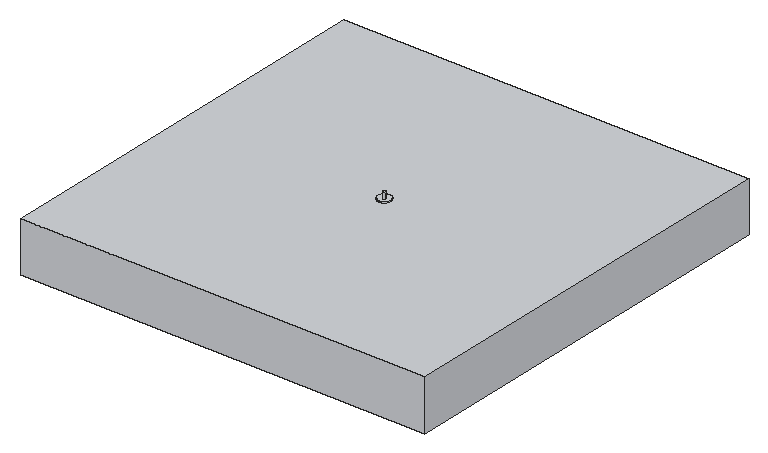
Revit family "M_Sprinkler - Seco - Parede lateral horizontal - Semi-embutido - Hospedado", category Sprinklers, Revit 2019
Family settings
  Hospedeiro = Face
  Manter orientação da anotação = Sim
  Cota do conector redondo = Usar raio
  Tipo de parte = Normal
  Número OmniClass = 23.65.70.17.11.24
  Título OmniClass = Fire Fighting Sprinkler Heads
  ID de item do Seek = Sprinkler - Dry - Horizontal Sidewall - Semi-Recessed - Hosted-0000-CAN-ENU
  Corte com vazios quando carregada = Não
  Compartilhado = Não
  Ponto de cálculo do ambiente = Não
Parameters (values of type "Parede lateral seca horizontal de 15 mm")
  Classificação de temperatura = 57 °C
  Resposta = Padrão
  Queda de pressão [instance] = 48300.0 Pa
  Classe de pressão = Padrão
  Tamanho do orifício = 13 mm
  Orifício = Padrão
  Fator-K = 81
  Fluxo [instance] = 2.0 L/s
  Diâmetro do escudete = 76 mm
  Cobertura = Padrão
  Diâmetro nominal = Raio nominal * 2  # 15 mm
  Raio nominal = 7.5 mm
  Raio do escudete = 0.5 * Diâmetro do escudete  # 38 mm
  Protrusão = 37 mm
  Comprimento total = 103 mm
  Espessura do escudete = 3 mm
  Elevação-padrão = 2400 mm
  CEL = 13 mm
  Assembly Code = ""
Reference planes
  plane 1 "Centro (Frente/Trás)": y = 0
  plane 2: z = 0
  plane 3 "Centro (Esquerda/Direita)": x = 0
  plane 4: z = -66
  plane 5: z = 3
  plane 6: z = 37
  plane 7: z = -53
Forms (mm)
  Extrusion 1, solid
    sketch origin (0, 0, 0) x (1, 0, 0) y (0, 1, 0)
      loop
        line (-1219.2, 1219.2) -> (-1219.2, -1219.2) -> (1219.2, -1219.2) -> (1219.2, 1219.2) -> (-1219.2, 1219.2)
    from 0 to -304.8
  Extrusion 2, solid
    sketch origin (0, 0, 0) x (1, 0, 0) y (0, 1, 0)
      loop
        circle (0, 0) r 7.5
    from -53 to 37
  Extrusion 3, solid
    sketch origin (0, 0, 0) x (1, 0, 0) y (0, 1, 0)
      loop
        circle (0, 0) r 38
    from 0 to 3
Cuts and joins
  joined: Extrusion 2, Extrusion 3
Dimensions and locks
  "Espessura do escudete": plane 5 to level
  "Protrusão": plane 6 to level
  "Comprimento total": plane 6 to plane 4
  "CEL": plane 7 to plane 4
  "Raio nominal": radius of Extrusion 2 sketch curve
  "Raio do escudete": radius of Extrusion 3 sketch curve
  aligned and locked: plane 2 to Extrusion 1
  aligned and locked: level to Extrusion 1
  aligned and locked: Extrusion 3 to level
  aligned and locked: plane 5 to Extrusion 3
  aligned and locked: plane 6 to Extrusion 2
  aligned and locked: Extrusion 2 to plane 7
Automatic sketch dimensions
  Extrusion 2 sketch curve to plane 1 "Centro (Frente/Trás)" = 0 mm
  Extrusion 2 sketch curve to plane 3 "Centro (Esquerda/Direita)" = 0 mm
  Extrusion 3 sketch curve to plane 1 "Centro (Frente/Trás)" = 0 mm
  Extrusion 3 sketch curve to plane 3 "Centro (Esquerda/Direita)" = 0 mm
  Extrusion 1 sketch curve to Extrusion 1 sketch curve = 2438.4 mm  (x2)
Nested families
  nested 1: "M_Sprinkler - Símbolo - Parede lateral horizontal" at (0, 0, 0), type "Sprinkler - Símbolo - Parede lateral horizontal"
Connectors
  piping at (0, 0, -53), diameter 15, driven by "Raio nominal", driven by "Fluxo", driven by "Queda de pressão"
    settings: on cut or joined group of Extrusion 2, Extrusion 3, index 1, connector inside diameter 15 mm, connector length 0 mm, flow factor 0, pipe flow 2.0 L/s, pressure drop 48300.0 Pa, fitting loss kfactor 0, connector angle 0.00°, fixture units 0, engagement length 0 mm, angle of deflection 0.00°, flow configuration 1, flow direction 1, fitting loss method 4, system type 24, joint type 0, gender type 0, connector reference index -1, connector utility 0, adjustable connector no, is connector primary yes, connector description "In"
Definition of nested family "M_Sprinkler - Símbolo - Parede lateral horizontal"
  Parameters
    Largura do símbolo = Profundidade do símbolo  # 2 mm
    Meia largura do símbolo = 0.5 * Largura do símbolo  # 1 mm
    Profundidade do símbolo = 2 mm
  Reference planes
    plane 1: y = 0
    plane 2: x = 0
  Lines and regions (mm)
    reference lines
      curve 1: line (-1, 0, 0) -> (-1, 2, 0)
      curve 2: line (-1, 2, 0) -> (1, 2, 0)
      curve 3: line (1, 2, 0) -> (1, 0, 0)
      curve 4: line (-1, 2, 0) -> (0, 0, 0)
      curve 5: line (0, 0, 0) -> (1, 2, 0)
    detail lines
      curve 6: line (-1, 2, 0) -> (1, 2, 0)
      curve 7: line (1, 2, 0) -> (0, 0, 0)
      curve 8: line (-1, 2, 0) -> (0, 0, 0)
  Dimensions and locks
    equal spacing: curve 1, plane 2, curve 3
    "Profundidade do símbolo": plane 1 to curve 2
    "Meia largura do símbolo": curve 1 to plane 2
    aligned and locked: plane 1 to curve 1
    aligned and locked: curve 6 to curve 2
    aligned and locked: curve 1 to curve 6
    aligned and locked: curve 6 to curve 3
    aligned and locked: curve 7 to curve 5
    aligned and locked: curve 2 to curve 7
    aligned and locked: plane 1 to curve 7
  Automatic sketch dimensions
    curve 5 to plane 1 = 0 mm
    curve 4 to plane 2 = 0 mm
    curve 3 to plane 1 = 0 mm
